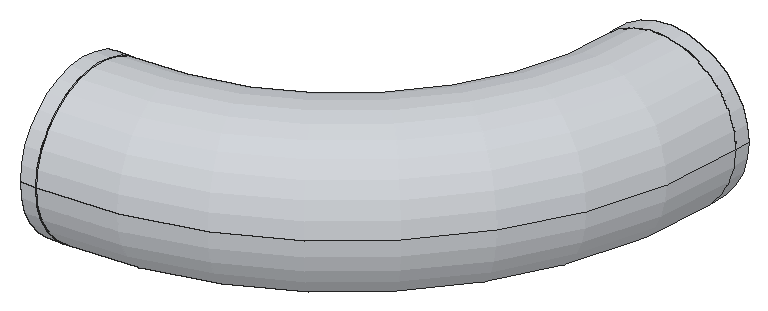
Revit family "M_Curva 1D de 3 gomos redonda - DTL", category Conexões de duto, Revit 2019
Family settings
  Cota do conector redondo = Usar raio
  Tipo de parte = Cotovelo
  Número OmniClass = 23.75.70.14
  Título OmniClass = Air Ductwork
  ID de item do Seek = Round 3 Gore 1D Elbow - DTL-0000-CAN-ENU
  Com base no plano de trabalho = Não
  Sempre na vertical = Sim
  Corte com vazios quando carregada = Não
  Compartilhado = Não
Parameters (values of type "Padrão")
  Visibilidade da saída reta [instance] = Saída reta > 0 mm  # yes
  Saída reta [instance] = 50 mm
  Visibilidade da entrada reta [instance] = Entrada reta > 0 mm  # yes
  Entrada reta [instance] = 50 mm
  Saída reta 1 [instance] = if(Saída reta = 0 mm, 12 mm, Saída reta)  # 50 mm
  Entrada reta 1 [instance] = if(Entrada reta = 0 mm, 12 mm, Entrada reta)  # 50 mm
  Número de gomos = 3
  Comprimento 3 [instance] = Raio do centro * cos(Ângulo) - Saída reta * sin(Ângulo) + 508 mm  # 458 mm
  Comprimento 2 [instance] = Raio do centro * sin(Ângulo) + Saída reta * cos(Ângulo)  # 1000 mm
  Saída do raio [instance] = 250 mm
  Comprimento 1 [instance] = Raio do centro * tan(Ângulo / 2)  # 1000 mm
  Entrada do raio [instance] = 250 mm
  Ângulo da segmentação máxima [instance] = Ângulo / (Número de gomos - 1)  # 45.00°
  Saída do diâmetro [instance] = Saída do raio * 2  # 500 mm
  Entrada do diâmetro [instance] = Entrada do raio * 2  # 500 mm
  Raio do centro [instance] = 1000 mm
  Assembly Code = ""
  Ângulo [instance] = 90.00°
Reference planes
  plane 1 "Centro (Frente/Trás)": y = 0
  plane 2: z = 0
  plane 3 "Centro (Esquerda/Direita)": x = 0
  plane 4: x = -1000
  plane 5: y = 1000
  plane 6: x = -1050
  plane 7: x = -1000
  plane 8: y = 1050
  plane 9: x = 0
  plane 10: y = 1508
Forms (mm)
  SweptBlend 1, solid, detail levels medium+fine
    path in 3D
      loop
        arc (-1000, 0, 0) -> (-292.893, 292.893, 0) -> (0, 1000, 0) r 1000
    profile origin (-1000, 0, 0) x (0, 1, 0) y (0, 0, 1)
      loop
        circle (0, 0) r 250
    end profile origin (0, 1000, 0) x (-1, 0, 0) y (0, 0, 1)
      loop
        circle (0, 0) r 250
  Sweep 2, solid, visible <- "Visibilidade da entrada reta", detail levels medium+fine
    path in 3D
      loop
        line (-1050, 0, 0) -> (-1000, 0, 0)
    profile origin (-1025, 0, 0) x (0, 1, 0) y (0, 0, 1)
      loop
        circle (0, 0) r 250
  Sweep 3, solid, visible <- "Visibilidade da saída reta", detail levels medium+fine
    path in 3D
      loop
        line (0, 1050, 0) -> (0, 1000, 0)
    profile origin (0, 1025, 0) x (1, 0, 0) y (0, 0, 1)
      loop
        circle (0, 0) r 250
Lines and regions (mm)
  model lines, detail levels coarse
    curve 1: arc (-1000, 0, 0) -> (-292.893, 292.893, 0) -> (0, 1000, 0) r 1000
    curve 3: line (-1050, 0, 0) -> (-1000, 0, 0)
    curve 6: line (0, 1050, 0) -> (0, 1000, 0)
  sketch lines
    curve 2: arc (-1000, 0, 0) -> (-292.893, 292.893, 0) -> (0, 1000, 0) r 1000
    curve 4: line (-1050, 0, 0) -> (-1000, 0, 0)
    curve 7: line (0, 1050, 0) -> (0, 1000, 0)
  model lines, not visible, detail levels coarse
    curve 5: line (0, 0, 0) -> (0, 1050, 0)
Dimensions and locks
  "Comprimento 1": plane 4 to plane 3 "Centro (Esquerda/Direita)"
  "Raio do centro": plane 1 "Centro (Frente/Trás)" to plane 5
  "Entrada reta": plane 6 to plane 4
  "Entrada reta 1": plane 6 to plane 7
  "Comprimento 2": plane 4 to plane 9
  "Saída reta 1": curve 6 to curve 6
  plane 5 to plane 10 = 508 mm
  "Comprimento 3": plane 10 to plane 8
  "Entrada do raio": radius of SweptBlend 1 sketch curve
  "Saída do raio": radius of SweptBlend 1 sketch curve
  "Entrada do raio": radius of Sweep 2 sketch curve
  "Saída do raio": radius of Sweep 3 sketch curve
  "Raio do centro": radius of curve 1
  "Ângulo": angle curve 1 to curve 1
  "Ângulo": angle plane 1 "Centro (Frente/Trás)" to curve 6
  aligned and locked: plane 4 to curve 1
  aligned and locked: plane 7 to curve 3
  aligned and locked: plane 6 to curve 3
  aligned and locked: plane 1 "Centro (Frente/Trás)" to curve 3
  aligned and locked: plane 9 to curve 5
  aligned and locked: plane 8 to curve 5
  aligned and locked: plane 1 "Centro (Frente/Trás)" to curve 5
Automatic sketch dimensions
  SweptBlend 1 sketch curve to profile plane = 0 mm  (x4)
  Sweep 2 sketch curve to profile plane = 0 mm  (x2)
  Sweep 3 sketch curve to profile plane = 0 mm  (x2)
Connectors
  hvac at (-1050, 0, 0), driven by "Entrada do raio"
    settings: on Sweep 2, index 1, duct flow 0.0 L/s, flow factor 0, pres drop 0.0 Pa, loss coef 0, conn angle 0.00°, conn width 304.8 mm, conn height 304.8 mm, conn diameter 500 mm, duct sys type 28, conn prof type 0, flow config 0, flow direction 0, loss method 0, conn ref index 2, conn util no, is conn primary yes, conn desc ""
  hvac at (0, 1050, 0), driven by "Saída do raio", driven by "Ângulo"
    settings: on Sweep 3, index 2, duct flow 0.0 L/s, flow factor 0, pres drop 0.0 Pa, loss coef 0, conn angle 90.00°, conn width 304.8 mm, conn height 304.8 mm, conn diameter 500 mm, duct sys type 28, conn prof type 0, flow config 0, flow direction 0, loss method 0, conn ref index 1, conn util no, is conn primary no, conn desc ""
